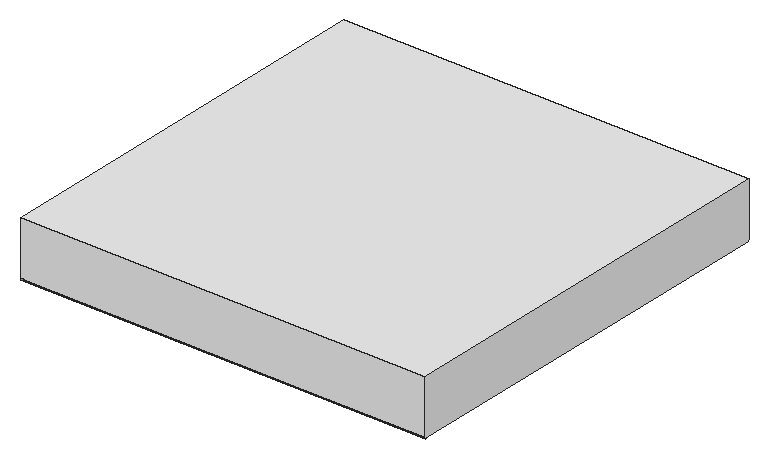
Revit family "ALT2x2-C135", category Lighting Fixtures, host Ceiling, Revit 2023
Family settings
  Host = Ceiling
  Round Connector Dimension = Use Diameter
  Part Type = Normal
  OmniClass Number = 23.80.70.11.14.17
  OmniClass Title = Direct/Indirect
  Always vertical = Yes
  Cut with Voids When Loaded = No
  Light Source = Yes
  Maintain Annotation Orientation = No
  Shared = No
  Room Calculation Point = No
Parameters (values of type "ALT2x2-LED840K050LUNV-C135")
  Width = 1' - 11 3/4"
  Wattage = 47.9159 W
  built-in parameter 1150110 = 1 (stored number, unit not read)
  Voltage = 120 V
  URL = "https://viscor.com/products/alto-circular"
  built-in parameter 1114217 = 0.9 (stored number, unit not read)
  Tilt Angle = 90.00°
  built-in parameter 1150109 = 1 (stored number, unit not read)
  built-in parameter 1150134 = 12
  built-in parameter 1150113 = 1 (stored number, unit not read)
  Photometric Web File = "ALT2x2-LED840K050LUNV-C135.ies"
  Model = "ALT2x2-C135"  # constant formula
  Manufacturer = "VISIONEERING by VISCOR"  # constant formula
  Lumens = 5012 lm
  built-in parameter 1150115 = 1 (stored number, unit not read)
  built-in parameter 1150105 = 398.84 (stored number, unit not read)
  built-in parameter 1150137 = (empty or 0)
  built-in parameter 1150139 = (empty or 0)
  Lens Finish = Acrylic - Viscor - Frosted White
  Lens Depth = 0' - 0 1/8"
  Length = 1' - 11 3/4"
  Lamp Wattage = 47.9 VA
  built-in parameter 1150112 = 1 (stored number, unit not read)
  built-in parameter 1150114 = 1 (stored number, unit not read)
  Lamp = "LED"  # constant formula
  built-in parameter 1150132 = (empty or 0)
  built-in parameter 1150102 = (empty or 0)
  built-in parameter 1150138 = (empty or 0)
  built-in parameter 1150107 = 4000 (stored number, unit not read)
  built-in parameter 1150106 = 3.9884 (stored number, unit not read)
  Housing Finish = Metal - Viscor - White
  Emit from Rectangle Width = Width  # 1' - 11 3/4"
  Emit from Rectangle Length = Length  # 1' - 11 3/4"
  Emit from Rectangle Height = Lens Depth  # 0' - 0 1/8"
  Emit Shape Visible in Rendering = no
  built-in parameter 1150104 = 9.7177 (stored number, unit not read)
  Dimming Lamp Color Temperature Shift = <None>
  Description = "Architectural Recessed Troffer with Regressed Circular Lens"  # constant formula
  Default Elevation = 0' - 0"
  Color Filter = 16777215
  built-in parameter 1114218 = 1 (stored number, unit not read)
  built-in parameter 1150133 = 10 (stored number, unit not read)
  Assembly Code = "D5020200"
  Apparent Load = Lamp Wattage  # 47.9 VA
Types (5): name | Wattage | Photometric Web File | Lumens | built-in parameter 1150105 | Lamp Wattage | built-in parameter 1150106 | built-in parameter 1150104 | Apparent Load
  (no name) | 47.9159 W | "ALT2x2-LED840K050LUNV-C135.ies" | 5012 lm | 398.84 (stored number, unit not read) | 47.9 VA | 3.9884 (stored number, unit not read) | 9.7177 (stored number, unit not read) | 47.9 VA
  ALT2x2-LED840K024LUNV-C135 | 21.9 W | "ALT2x2-LED840K024LUNV-C135.ies" | 2415.57 lm | 192.22 (stored number, unit not read) | 21.9 VA | 1.9222 (stored number, unit not read) | 10.247 (stored number, unit not read) | 21.9 VA
  ALT2x2-LED840K034LUNV-C135 | 31.8 W | "ALT2x2-LED840K034LUNV-C135.ies" | 3437.58 lm | 273.55 (stored number, unit not read) | 31.8 VA | 2.7355 (stored number, unit not read) | 10.043 (stored number, unit not read) | 31.8 VA
  ALT2x2-LED840K040LUNV-C135 | 37.6 W | "ALT2x2-LED840K040LUNV-C135.ies" | 4015.68 lm | 319.56 (stored number, unit not read) | 37.6 VA | 3.1956 (stored number, unit not read) | 9.922 (stored number, unit not read) | 37.6 VA
  ALT2x2-LED840K050LUNV-C135 | 47.9159 W | "ALT2x2-LED840K050LUNV-C135.ies" | 5012 lm | 398.84 (stored number, unit not read) | 47.9 VA | 3.9884 (stored number, unit not read) | 9.7177 (stored number, unit not read) | 47.9 VA
Reference planes (in)
  plane 1 "Light Source Axis (F/B)": y = 0
  plane 2 "Ceiling": z = 96
  plane 3 "Light Source Axis (L/R)": x = 0
  plane 4 "Light Source Elevation": z = 95.875
  plane 5: y = 11.875
  plane 6: y = -11.875
  plane 7: x = -11.875
  plane 8: x = 11.875
  plane 9 "Lens Depth": z = 95.875
  plane 10: x = -11.46875
  plane 11: x = 11.46875
  plane 12: x = -11.40625
  plane 13: x = 11.40625
Forms (in)
  Extrusion 1, solid, material "Metal - Viscor - White" <- "Housing Finish"
    sketch origin (0, 0, -0.125) x (0, 1, 0) y (0, 0, 1)
      loop
        line (-11.783, 96) -> (11.783, 96)
        arc (11.783, 96) -> (11.82684, 96.01816) -> (11.845, 96.062) r 0.062
        line (11.845, 96.062) -> (11.845, 99.25) -> (-11.845, 99.25) -> (-11.845, 96.062)
        arc (-11.845, 96.062) -> (-11.82684, 96.01816) -> (-11.783, 96) r 0.062
    from -11.875 to 11.875
  Extrusion 2, void
    sketch origin (0, 0, 96) x (1, 0, 0) y (0, 1, 0)
      loop
        circle (0, 0) r 10.71
    from -0.125 to 1.273
Cuts and joins
  Extrusion 2 cuts Extrusion 1
Dimensions and locks (in)
  equal spacing: host sketch curve, plane 3 "Light Source Axis (L/R)", host sketch curve
  equal spacing: host sketch curve, plane 1 "Light Source Axis (F/B)", host sketch curve
  host sketch curve to host sketch curve = 10' - 0"  (x2)
  equal spacing: plane 7, plane 3 "Light Source Axis (L/R)", plane 8
  "Length": plane 7 to plane 8
  equal spacing: plane 5, plane 1 "Light Source Axis (F/B)", plane 6
  "Width": plane 5 to plane 6
  "Emit from Rectangle Height": plane 4 "Light Source Elevation" to plane 2 "Ceiling"
  "Lens Depth": plane 2 "Ceiling" to plane 9 "Lens Depth"
  locked: plane 7 to plane 10 at 0.40625
  locked: plane 11 to plane 8 at 0.40625
  locked: plane 7 to plane 12 at 0.46875
  locked: plane 13 to plane 8 at 0.46875
  aligned and locked: plane 3 "Light Source Axis (L/R)" to imposter light
  aligned and locked: plane 1 "Light Source Axis (F/B)" to imposter light
  aligned and locked: plane 4 "Light Source Elevation" to imposter light
  aligned and locked: Extrusion 1 to plane 7
  aligned and locked: plane 8 to Extrusion 1
Automatic sketch dimensions
  Extrusion 1 sketch curve to plane 2 "Ceiling" = 0' - 0 1/8"
  Extrusion 1 sketch curve to plane 5 = 0' - 0.092"
  Extrusion 1 sketch curve to plane 2 "Ceiling" = 0' - 0.063"  (x2)
  Extrusion 1 sketch curve to Extrusion 1 sketch curve = 0' - 3.188"
  plane 6 to Extrusion 1 sketch curve = 0' - 0.03"
  plane 1 "Light Source Axis (F/B)" to Extrusion 2 sketch curve = 0' - 0"
  Extrusion 2 sketch curve to plane 3 "Light Source Axis (L/R)" = 0' - 0"
  radius of Extrusion 2 sketch curve = 0' - 10.71"
Connectors (in)
  electrical at (0, 0, 96), driven by "Voltage", driven by "Apparent Load"
    settings: index 1, voltage 120 V, apparent load 0 VA, apparent load phase1 47.9 VA, apparent load phase2 0 VA, apparent load phase3 0 VA, power factor 1, load classification "Other", number of poles 1, system type 31, power factor state 1, is connector primary yes, connector utility no, sub classification motor no, connector description ""
